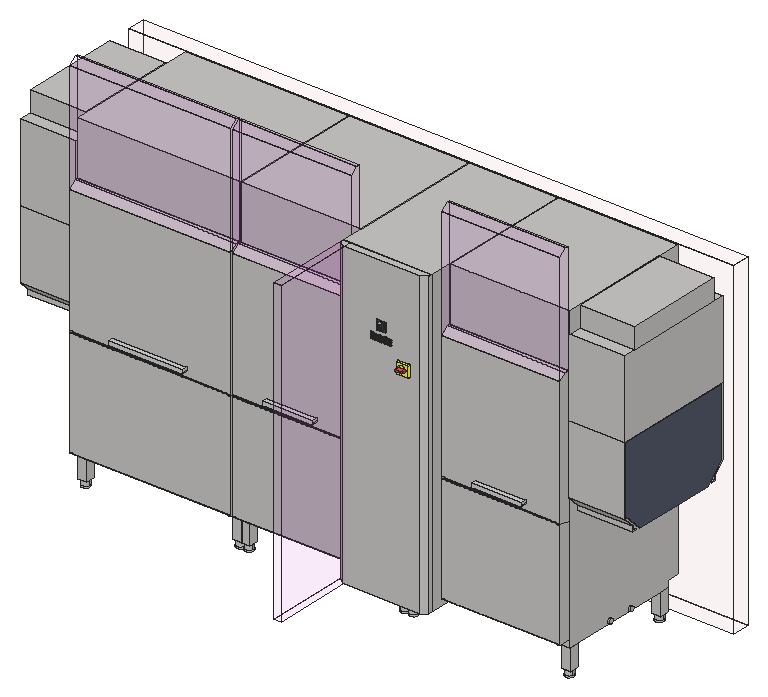
Revit family "QF_ELECTROLUXPROFESSIONAL_535067_EMR20NELEM", category Attrezzature speciali, Revit 2020
Family settings
  Quota connettore circolare = Usa diametro
  Tipo di parte = Normale
  Basato su piano di lavoro = No
  Sempre verticale = Sì
  Taglio con vuoti quando caricato = No
  Condiviso = No
  Punto di calcolo locali = No
Parameters (values of type "Standard")
  Weight = 569.00 kg
  Watts = 59800 W
  Volts = 380 V
  URL Manufacturer = "https://www.electroluxprofessional.com/"
  URL = "https://www.electroluxprofessional.com/"
  Steam Supply Size = 0 mm
  Steam Supply Minimum Pressure = 0.0 Pa
  Steam Supply Maximum Pressure = 0.0 Pa
  Steam Consumption per Hour = 0
  Show Logo [instance] = yes
  Show Clearance [instance] = yes
  Refrigeration Suction Line Size = 0 mm
  Refrigeration Liquid Line Size = 0 mm
  Refrigerant Compressor Remote = yes
  Prospetto di default = 0 mm
  Produttore = "Electrolux Professional"
  Phase = 3
  Modello = "EMR20NELEM"
  Length Actual = 3270 mm  # constant formula
  Item Number = "535067"
  Hot Water Size = 19.05 mm
  Height Actual = 1785 mm  # constant formula
  HP = "80.2 HP"
  Gas Size = 0 mm
  Gas KW = 0
  Gas Input Pressure = 0 W
  Direct Waste Size = 50 mm
  Descrizione = "MULTIRIN.RT, 200R/H, EL. L>R, ESD-THERMAL LABEL COMPLIANT"
  Depth Actual = 895 mm  # constant formula
  Cycle = 50 Hz
  Condensate Return Size = 0 mm
  Compressed Air Volume = 0.0 L/s
  Compressed Air Size = 0 mm
  Compressed Air Pressure = 0.0 Pa
  Cold Water Size = 19.05 mm
  Accessory = yes
Reference planes
  plane 1 "Center (Front/Back)": y = 50
  plane 2: z = 0
  plane 3 "LEFT": x = -776
  plane 4 "RIGHT": x = 2494
  plane 5 "BACK": y = 450
  plane 6: z = 2095
  plane 7: z = 1785
  plane 8: y = -220
  plane 9: x = 859
  plane 10: y = -277.999
  plane 11: through (1209, 430.532, 4000) normal (0.7071, 0.7071, 0)
  plane 12: through (1229, 430.532, 4000) normal (0.7071, -0.7071, 0)
  plane 13: through (1399, 430.532, 4000) normal (0.7071, -0.7071, 0)
  plane 14: through (1379, 430.532, 4000) normal (0.7071, 0.7071, 0)
  plane 15: through (1294, -302, 4000) normal (0.7071, 0.7071, 0)
  plane 16: through (1314, -302, 4000) normal (0.7071, -0.7071, 0)
  plane 17: through (0, 318, 353) normal (0, 0.7071, -0.7071)
  plane 18: through (0, 318, 373) normal (0, -0.7071, -0.7071)
  plane 19: x = 859
Forms (mm)
  Extrusion 1, solid, material "QF_Finishes_Clearance", visible <- "Show Clearance"
    sketch origin (0, 0, 0) x (1, 0, 0) y (0, 1, 0)
      loop
        line (-776, 450) -> (2494, 450) -> (2494, 550) -> (-776, 550) -> (-776, 450)
    from 0 to 1785
  Extrusion 2, solid, material "QF_Finishes_Stainless Steel"
    sketch origin (801.404, 247.509, 148) x (0, -1, 0) y (1, 0, 0)
      loop
        line (-163.023, 407.596) -> (-163.023, 427.596) -> (-183.023, 427.596) -> (-183.023, 407.596) -> (-163.023, 407.596)
    from 0 to 2
  Extrusion 3, solid, material "QF_Finishes_Stainless Steel"
    sketch origin (1806.596, 247.509, 148) x (0, 1, 0) y (-1, 0, 0)
      loop
        line (163.023, 407.596) -> (183.023, 407.596) -> (183.023, 427.596) -> (163.023, 427.596) -> (163.023, 407.596)
    from 0 to 2
  Extrusion 4, solid, material "QF_Finishes_Stainless Steel"
    sketch origin (886.404, -485.023, 148) x (0, -1, 0) y (1, 0, 0)
      loop
        line (-163.023, 407.596) -> (-163.023, 427.596) -> (-183.023, 427.596) -> (-183.023, 407.596) -> (-163.023, 407.596)
    from 0 to 2
  Extrusion 5, solid, material "QF_Finishes_Stainless Steel"
    sketch origin (-478, 249.977, 990.404) x (0, 0, 1) y (0, -1, 0)
      loop
        line (407.596, -163.023) -> (407.596, -183.023) -> (427.596, -183.023) -> (427.596, -163.023) -> (407.596, -163.023)
    from 0 to 2
  Extrusion 6, solid, material "QF_Finishes_Stainless Steel"
    sketch origin (-478, 249.977, 940.404) x (0, 0, 1) y (0, -1, 0)
      loop
        line (407.596, -163.023) -> (407.596, -183.023) -> (427.596, -183.023) -> (427.596, -163.023) -> (407.596, -163.023)
    from 0 to 2
  Extrusion 7, solid, material "QF_Finishes_Stainless Steel"
    sketch origin (2186, 249.977, 990.404) x (0, 0, 1) y (0, 1, 0)
      loop
        line (407.596, 163.023) -> (427.596, 163.023) -> (427.596, 183.023) -> (407.596, 183.023) -> (407.596, 163.023)
    from 0 to 2
  Extrusion 8, solid, material "QF_Finishes_Stainless Steel"
    sketch origin (2186, 249.977, 940.404) x (0, 0, 1) y (0, 1, 0)
      loop
        line (407.596, 163.023) -> (427.596, 163.023) -> (427.596, 183.023) -> (407.596, 183.023) -> (407.596, 163.023)
    from 0 to 2
  Extrusion 9, solid, material "QF_Finishes_Stainless Steel"
    sketch origin (2191, 154.977, -54.596) x (0, 0, 1) y (0, 1, 0)
      loop
        line (407.596, 163.023) -> (427.596, 163.023) -> (427.596, 183.023) -> (407.596, 183.023) -> (407.596, 163.023)
    from 0 to 2
  Extrusion 10, solid, material "QF_Finishes_Stainless Steel"
    sketch origin (-478, 154.977, -54.596) x (0, 0, 1) y (0, -1, 0)
      loop
        line (407.596, -163.023) -> (407.596, -183.023) -> (427.596, -183.023) -> (427.596, -163.023) -> (407.596, -163.023)
    from 0 to 2
  Extrusion 11, solid, material "QF_Finishes_Stainless Steel"
    sketch origin (2199.617, 892.464, 1271.423) x (0, 0, -1) y (0, -1, 0)
      loop
        circle (1102.159, 772.464) r 10
    from -9.383 to 5.617
  Extrusion 12, solid, material "QF_Finishes_Stainless Steel"
    sketch origin (2199.617, 752.464, 1271.423) x (0, 0, -1) y (0, -1, 0)
      loop
        circle (1102.159, 772.464) r 10
    from -9.383 to 5.617
  Extrusion 13, solid, material "QF_Finishes_Stainless Steel"
    sketch origin (-476.617, 752.464, 1289.423) x (0, 0, -1) y (0, 1, 0)
      loop
        circle (1102.159, -772.464) r 25
    from -9.383 to 5.617
  Extrusion 14, solid, material "QF_Finishes_Stainless Steel"
    sketch origin (2317.023, 452, -177.096) x (0, 0, 1) y (-1, 0, 0)
      loop
        line (407.596, 163.023) -> (427.596, 163.023) -> (427.596, 183.023) -> (407.596, 183.023) -> (407.596, 163.023)
    from 0 to 2
  Extrusion 15, solid, material "QF_Finishes_Door Clearance", visible <- "Show Clearance"
    sketch origin (1869, 66.742, 602) x (0, 1, 0) y (0, 0, 1)
      loop
        line (-351.742, 1493) -> (-368.817, 1493) -> (-408.742, 1463.413) -> (-408.742, 861.413) -> (-368.817, 891) -> (-351.742, 891) -> (-351.742, 1493)
    from -320 to 320
  Extrusion 16, solid, material "QF_Finishes_Door Clearance", visible <- "Show Clearance"
    sketch origin (739.648, 66.742, 602) x (0, 1, 0) y (0, 0, 1)
      loop
        line (-351.742, 1493) -> (-368.817, 1493) -> (-408.742, 1463.413) -> (-408.742, 861.413) -> (-368.817, 891) -> (-351.742, 891) -> (-351.742, 1493)
    from -320 to 320
  Extrusion 17, solid, material "QF_Finishes_Door Clearance", visible <- "Show Clearance"
    sketch origin (1141.211, 799.242, 0) x (1, 0, 0) y (0, 1, 0)
      loop
        line (-76.563, -1201.332) -> (-76.563, -1674.242) -> (-34.063, -1674.242) -> (-34.063, -1201.332) -> (-76.563, -1201.332)
    from 150 to 1785
  Extrusion 18, solid, material "QF_Finishes_Door Clearance", visible <- "Show Clearance"
    sketch origin (-146, 66.742, 602) x (0, 1, 0) y (0, 0, 1)
      loop
        line (-351.742, 1493) -> (-368.817, 1493) -> (-408.742, 1463.413) -> (-408.742, 861.413) -> (-368.817, 891) -> (-351.742, 891) -> (-351.742, 1493)
    from -320 to 555
Dimensions and locks
  plane 3 "LEFT" to plane 4 "RIGHT" = 3270 mm
  plane 6 to level = 2095 mm
  plane 7 to level = 1785 mm
  nested 1 to level = 2095 mm
  nested 2 to plane 10 = 167 mm
  nested 4 to nested 5 = 0 mm
  nested 7 to nested 4 = 796 mm
  nested 6 to nested 5 = 984 mm
  nested 1 to Extrusion 1 = 1190 mm
  Extrusion 1 to nested 3 = 300 mm
  nested 2 to nested 3 = 894.999 mm
  plane 3 "LEFT" to plane 9 to plane 4 "RIGHT" = 1635 mm, 1635 mm
  plane 19 to plane 3 "LEFT" = 1635 mm
  aligned and locked: level to plane 2
Nested families
  nested 1: "MODULO_GRANDE - 650" at (799.563, 61.742, 0), type "MODULO_GRANDE - 650"
    with Show Logo yes, Show Clearance yes
  nested 2: "MODULO_CENTRALE - 480" at (1140.563, 799.242, 0), type "MODULO_CENTRALE - 480"
    with Show Right yes, Show Logo yes, Show Left no, Show Clearance yes
  nested 3: "MODULO_GRANDE - 650" at (1929.563, 61.742, 0), type "MODULO_GRANDE - 650"
    with Show Logo yes, Show Clearance yes
  nested 4: "Piedino_Square_150H" at (437.5, -254.499, 0), type "Piedino_Square_150H"
  nested 5: "Piedino_Square_150H" at (390.5, -254.499, 0), type "Piedino_Square_150H"
  nested 6: "Piedino_Square_150H" at (1327.5, -254.499, 0), type "Piedino_Square_150H"
  nested 7: "Piedino_Square_150H" at (1280.5, -254.499, 0), type "Piedino_Square_150H"
  nested 8: "Piedino_Square_150H" at (437.5, 354.5, 0), type "Piedino_Square_150H"
  nested 9: "Piedino_Square_150H" at (390.5, 354.5, 0), type "Piedino_Square_150H"
  nested 10: "Piedino_Square_150H" at (1327.5, 354.5, 0), type "Piedino_Square_150H"
  nested 11: "Piedino_Square_150H" at (1280.5, 354.5, 0), type "Piedino_Square_150H"
  nested 12: "HOODV_300" at (2577.563, 61.742, -112), type "HOODV_300"
  nested 13: "HOODV_300" at (-859.563, 61.742, -112) x (-1, 0, 0) z (0, 0, 1), type "HOODV_300"
  nested 14: "Piedino_Square_150H" at (-447.5, -254.499, 0), type "Piedino_Square_150H"
  nested 15: "Piedino_Square_150H" at (2170.5, -254.499, 0), type "Piedino_Square_150H"
  nested 16: "Piedino_Square_150H" at (-447.5, 354.5, 0), type "Piedino_Square_150H"
  nested 17: "Piedino_Square_150H" at (2170.5, 354.5, 0), type "Piedino_Square_150H"
  nested 18: "MODULO_GRANDE" at (-85.437, 61.742, 0), type "MODULO_GRANDE"
    with Show Logo yes, Show Clearance yes
  nested 19: "ELX_LOGO_WORDS_MEDIUM" at (1304, -444.999, 1409.339) x (1, 0, 0) z (0, -1, 0), Show Logo <- "Show Logo", visible <- "Show Logo", type "ELX_LOGO_WORDS_MEDIUM"
    with Show Logo yes
  nested 20: "ELXP_LOGO_ONLY_MEDIUM" at (1304, -444.999, 1469.649) x (1, 0, 0) z (0, -1, 0), Show Logo <- "Show Logo", visible <- "Show Logo", type "ELXP_LOGO_ONLY_MEDIUM"
    with Show Logo yes
Connectors
  electrical at (1219, 420.532, 148)
    settings: on Extrusion 2, index 128, voltage 0 V, apparent load 0 VA, apparent load phase1 0 VA, apparent load phase2 0 VA, apparent load phase3 0 VA, power factor 1, load classification "Altro", number of poles 1, system type 30, power factor state 1, is connector primary yes, connector utility no, sub classification motor no, connector description "EI"
  electrical at (1389, 420.532, 148)
    settings: on Extrusion 3, index 142, voltage 0 V, apparent load 0 VA, apparent load phase1 0 VA, apparent load phase2 0 VA, apparent load phase3 0 VA, power factor 1, load classification "Altro", number of poles 1, system type 30, power factor state 1, is connector primary no, connector utility no, sub classification motor no, connector description "EI"
  electrical at (1304, -312, 148)
    settings: on Extrusion 4, index 143, voltage 0 V, apparent load 0 VA, apparent load phase1 0 VA, apparent load phase2 0 VA, apparent load phase3 0 VA, power factor 1, load classification "Altro", number of poles 1, system type 30, power factor state 1, is connector primary no, connector utility no, sub classification motor no, connector description "EI"
  electrical at (-478, 423, 1408)
    settings: on Extrusion 5, index 147, voltage 0 V, apparent load 0 VA, apparent load phase1 0 VA, apparent load phase2 0 VA, apparent load phase3 0 VA, power factor 1, load classification "Altro", number of poles 1, system type 30, power factor state 1, is connector primary no, connector utility no, sub classification motor no, connector description "EO"
  electrical at (-478, 423, 1358)
    settings: on Extrusion 6, index 148, voltage 0 V, apparent load 0 VA, apparent load phase1 0 VA, apparent load phase2 0 VA, apparent load phase3 0 VA, power factor 1, load classification "Altro", number of poles 1, system type 30, power factor state 1, is connector primary no, connector utility no, sub classification motor no, connector description "ES"
  electrical at (2186, 423, 1408)
    settings: on Extrusion 7, index 149, voltage 0 V, apparent load 0 VA, apparent load phase1 0 VA, apparent load phase2 0 VA, apparent load phase3 0 VA, power factor 1, load classification "Altro", number of poles 1, system type 30, power factor state 1, is connector primary no, connector utility no, sub classification motor no, connector description "EO"
  electrical at (2186, 423, 1358)
    settings: on Extrusion 8, index 150, voltage 0 V, apparent load 0 VA, apparent load phase1 0 VA, apparent load phase2 0 VA, apparent load phase3 0 VA, power factor 1, load classification "Altro", number of poles 1, system type 30, power factor state 1, is connector primary no, connector utility no, sub classification motor no, connector description "ES"
  electrical at (2191, 328, 363)
    settings: on Extrusion 9, index 151, voltage 0 V, apparent load 0 VA, apparent load phase1 0 VA, apparent load phase2 0 VA, apparent load phase3 0 VA, power factor 1, load classification "Altro", number of poles 1, system type 30, power factor state 1, is connector primary no, connector utility no, sub classification motor no, connector description "ES"
  electrical at (-478, 328, 363)
    settings: on Extrusion 10, index 156, voltage 0 V, apparent load 0 VA, apparent load phase1 0 VA, apparent load phase2 0 VA, apparent load phase3 0 VA, power factor 1, load classification "Altro", number of poles 1, system type 30, power factor state 1, is connector primary no, connector utility no, sub classification motor no, connector description "ES"
  piping at (2209, 120, 169.264), diameter 12.9
    settings: on Extrusion 11, index 157, connector inside diameter 609.6 mm, connector length 0 mm, flow factor 0, pipe flow 0.0 L/s, pressure drop 0.0 Pa, fitting loss kfactor 0, connector angle 0.00°, fixture units 0, engagement length 0 mm, angle of deflection 0.00°, flow configuration 0, flow direction 0, fitting loss method 0, system type 29, joint type 0, gender type 0, connector reference index -1, connector utility 0, adjustable connector no, is connector primary yes, connector description ""
  piping at (2209, -20, 169.264), diameter 12.9
    settings: on Extrusion 12, index 158, connector inside diameter 609.6 mm, connector length 0 mm, flow factor 0, pipe flow 0.0 L/s, pressure drop 0.0 Pa, fitting loss kfactor 0, connector angle 0.00°, fixture units 0, engagement length 0 mm, angle of deflection 0.00°, flow configuration 0, flow direction 0, fitting loss method 0, system type 29, joint type 0, gender type 0, connector reference index -1, connector utility 0, adjustable connector no, is connector primary no, connector description ""
  piping at (-486, -20, 187.264), diameter 50
    settings: on Extrusion 13, index 159, connector inside diameter 609.6 mm, connector length 0 mm, flow factor 0, pipe flow 0.0 L/s, pressure drop 0.0 Pa, fitting loss kfactor 0, connector angle 0.00°, fixture units 0, engagement length 0 mm, angle of deflection 0.00°, flow configuration 0, flow direction 0, fitting loss method 0, system type 29, joint type 0, gender type 0, connector reference index -1, connector utility 0, adjustable connector no, is connector primary no, connector description "D"
  electrical at (2144, 452, 240.5)
    settings: on Extrusion 14, index 160, voltage 0 V, apparent load 0 VA, apparent load phase1 0 VA, apparent load phase2 0 VA, apparent load phase3 0 VA, power factor 1, load classification "Altro", number of poles 1, system type 30, power factor state 1, is connector primary no, connector utility no, sub classification motor no, connector description "EQ"
Definition of nested family "MODULO_GRANDE - 650"
  Parameters (values of type "MODULO_GRANDE - 650")
    URL = "http://professional.electrolux.com"
    Show Logo [instance] = yes
    Default Elevation = 0 mm
    Manufacturer = "Electrolux"
    Model = "ESR10E5"
    Length Actual = 0 mm
    Show Clearance [instance] = yes
    Height Actual = 0 mm
    Description = "SINGLE RINSE RT, 100R/H, ELECTRIC 50HZ"
    Depth Actual = 0 mm
  Reference planes
    plane 1: z = 0
    plane 2 "LEFT": x = -385.563
    plane 3 "RIGHT": x = 264.437
    plane 4 "BACK": y = 388.258
    plane 5 "FEET": z = 150
    plane 6: z = 2095
    plane 7 "TOP": z = 1785
  Forms (mm)
    Extrusion 1, solid
      sketch origin (-727.563, 442.565, 4000) x (0, 1, 0) y (0, 0, 1)
        loop
          line (-54.307, -2507) -> (-786.307, -2507) -> (-786.307, -3850) -> (-126.307, -3850) -> (-126.307, -3812) -> (-54.307, -3812) -> (-54.307, -2507)
      from 992 to 342
    Extrusion 2, solid
      sketch origin (105, 0, 0) x (1, 0, 0) y (0, 1, 0)
        loop
          line (-490.563, 388.258) -> (-490.563, -343.742) -> (159.437, -343.742) -> (159.437, 388.258) -> (-490.563, 388.258)
      from 1493 to 1785
  Dimensions and locks
    plane 2 "LEFT" to plane 3 "RIGHT" = 650 mm
    plane 5 "FEET" to level = 150 mm
    plane 5 "FEET" to plane 7 "TOP" = 1635 mm
    plane 3 "RIGHT" to plane 2 "LEFT" = 650 mm
    plane 4 "BACK" to Extrusion 2 = 732 mm
    aligned and locked: level to plane 1
  Nested families
    nested 1: "Door_650_DISHWASHING" at (-452, 5, 0), type "Door_650_DISHWASHING"
      with Show Clearance yes
  Definition of nested family "Door_650_DISHWASHING"
    Parameters (values of type "Door_650_DISHWASHING")
      Show Clearance [instance] = yes
      Default Elevation = 0 mm
    Reference planes
      plane 1: z = 0
      plane 2 "Center Y": x = 391.437
      plane 3 "LEFT": x = 71.437
      plane 4 "RIGHT": x = 711.437
      plane 5 "FRONT": y = -408.742
      plane 6: z = 150
      plane 7: y = -348.742
    Forms (mm)
      Extrusion 1, solid
        sketch origin (766.937, -408.742, 1493) x (0, 0, -1) y (1, 0, 0)
          loop
            line (686, -505.5) -> (686, -245.5)
            arc (686, -245.5) -> (684.536, -241.964) -> (681, -240.5) r 5
            line (681, -240.5) -> (666, -240.5) -> (666, -510.5) -> (681, -510.5)
            arc (681, -510.5) -> (684.536, -509.036) -> (686, -505.5) r 5
        from 0 to 30
      Extrusion 2, solid
        sketch origin (391.437, 0, 0) x (0, 1, 0) y (0, 0, 1)
          loop
            line (-348.742, 188) -> (-348.742, 758.131) -> (-405.595, 774.035)
            arc (-405.595, 774.035) -> (-407.764, 773.603) -> (-408.742, 771.62) r 2.5
            line (-408.742, 771.62) -> (-408.742, 190.5)
            arc (-408.742, 190.5) -> (-408.01, 188.732) -> (-406.242, 188) r 2.5
            line (-406.242, 188) -> (-348.742, 188)
        from -320 to 320
      Extrusion 3, solid
        sketch origin (391.437, 0, 0) x (0, 1, 0) y (0, 0, 1)
          loop
            line (-351.742, 1493) -> (-368.817, 1493) -> (-408.742, 1463.413) -> (-408.742, 778.225)
            arc (-408.742, 778.225) -> (-408.225, 776.703) -> (-406.889, 775.81) r 2.5
            line (-406.889, 775.81) -> (-354.889, 761.206)
            arc (-354.889, 761.206) -> (-352.72, 761.638) -> (-351.742, 763.621) r 2.5
            line (-351.742, 763.621) -> (-351.742, 1493)
        from -320 to 320
    Lines and regions (mm)
      symbolic lines
        curve 1: line (76.437, -408.742, 1785) -> (76.437, -348.742, 1785)
        curve 2: line (706.437, -408.742, 1785) -> (76.437, -408.742, 1785)
        curve 3: line (706.437, -348.742, 1785) -> (706.437, -408.742, 1785)
        curve 4: line (191.437, -438.742, 1785) -> (191.437, -408.742, 1785)
        curve 5: line (591.437, -438.742, 1785) -> (191.437, -438.742, 1785)
        curve 6: line (591.437, -408.742, 1785) -> (591.437, -438.742, 1785)
    Dimensions and locks
      plane 3 "LEFT" to plane 4 "RIGHT" = 640 mm
      plane 6 to level = 150 mm
      equal spacing: plane 3 "LEFT", plane 2 "Center Y", plane 4 "RIGHT"
      plane 4 "RIGHT" to plane 3 "LEFT" = 640 mm
      aligned and locked: level to plane 1
    Automatic sketch dimensions
      Extrusion 2 sketch curve to plane 5 "FRONT" = 0 mm
      Extrusion 2 sketch curve to plane 7 = 0 mm
      plane 5 "FRONT" to Extrusion 2 sketch curve = 2.5 mm
      Extrusion 2 sketch curve to Extrusion 2 sketch curve = 2.5 mm
      Extrusion 2 sketch curve to Extrusion 2 sketch curve = 0.647 mm
      plane 6 to Extrusion 2 sketch curve = 38 mm
      Extrusion 2 sketch curve to Extrusion 2 sketch curve = 570.131 mm
      Extrusion 2 sketch curve to Extrusion 2 sketch curve = 13.489 mm
      Extrusion 3 sketch curve to plane 5 "FRONT" = 0 mm
      plane 5 "FRONT" to Extrusion 3 sketch curve = 1.853 mm
      Extrusion 3 sketch curve to Extrusion 3 sketch curve = 0.647 mm  (x2)
      Extrusion 3 sketch curve to plane 7 = 20.076 mm
      Extrusion 3 sketch curve to plane 7 = 6.147 mm
      Extrusion 3 sketch curve to plane 7 = 3 mm
      plane 6 to Extrusion 3 sketch curve = 611.206 mm
      Extrusion 3 sketch curve to Extrusion 3 sketch curve = 14.603 mm
      Extrusion 3 sketch curve to Extrusion 3 sketch curve = 685.188 mm
      Extrusion 3 sketch curve to Extrusion 3 sketch curve = 29.587 mm
      curve 1 to plane 7 = 0 mm
      curve 3 to plane 7 = 0 mm
      curve 2 to plane 5 "FRONT" = 0 mm
      curve 5 to plane 5 "FRONT" = 30 mm
      plane 3 "LEFT" to curve 2 = 5 mm
      curve 5 to plane 2 "Center Y" = 200 mm
      plane 2 "Center Y" to curve 5 = 200 mm
      curve 2 to plane 4 "RIGHT" = 5 mm
      Extrusion 1 sketch curve to plane 2 "Center Y" = 135 mm
      plane 6 to Extrusion 1 sketch curve = 677 mm
      Extrusion 1 sketch curve to Extrusion 1 sketch curve = 15 mm
      Extrusion 1 sketch curve to Extrusion 1 sketch curve = 5 mm  (x2)
      plane 2 "Center Y" to Extrusion 1 sketch curve = 130 mm
Definition of nested family "MODULO_CENTRALE - 480"
  Parameters (values of type "MODULO_CENTRALE - 480")
    Show Right [instance] = not(Show Left)  # yes
    Show Logo [instance] = yes
    Show Left [instance] = no
    Show Clearance [instance] = yes
    Default Elevation = 0 mm
  Reference planes
    plane 1: z = 0
    plane 2 "LEFT": x = -76.563
    plane 3 "BACK": y = -349.242
    plane 4: z = 150
    plane 5: x = 403.437
    plane 6: y = -1244.241
    plane 7: x = 163.438
    plane 8: y = -1674.242
  Forms (mm)
    Extrusion 1, solid
      sketch origin (-163.616, -620, 0) x (1, 0, 0) y (0, 1, 0)
        loop
          line (87.054, 270.758) -> (87.054, -581.332) -> (567.054, -581.332) -> (567.054, 270.758) -> (87.054, 270.758)
      from 150 to 1785
    Extrusion 2, solid
      sketch origin (0, -740.199, 0) x (1, 0, 0) y (0, 1, 0)
        loop
          line (371.13, -504.042) -> (371.973, -503.729) -> (402.789, -480.925) -> (403.437, -479.639) -> (403.437, -461.133) -> (-76.563, -461.133) -> (-76.563, -479.639) -> (-75.915, -480.925) -> (-45.099, -503.729) -> (-44.256, -504.042) -> (371.13, -504.042)
      from 150 to 1785
  Dimensions and locks
    plane 4 to level = 150 mm
    Extrusion 1 to Extrusion 1 = 1635 mm
    plane 5 to plane 2 "LEFT" = 480 mm
    plane 3 "BACK" to plane 8 = 1325 mm
    aligned and locked: level to plane 1
  Nested families
    nested 1: "ON_OFF_GIALLO" at (282.917, -1244.241, 1304.8) x (-1, 0, 0) z (0, -1, 0), visible <- "Show Right", type "ON_OFF_GIALLO"
  Definition of nested family "ON_OFF_GIALLO"
    Parameters
      Default Elevation = 1219.2 mm
    Reference planes
      plane 1 "Centro (Fronte/Retro)": y = 0
      plane 2: z = 0
      plane 3 "Centro (Sinistra/Destra)": x = 0
    Forms (mm)
      Extrusion 1, solid
        sketch origin (0, 0, 0) x (1, 0, 0) y (0, 1, 0)
          loop
            line (-1219.2, 1219.2) -> (-1219.2, -1219.2) -> (1219.2, -1219.2) -> (1219.2, 1219.2) -> (-1219.2, 1219.2)
        from 0 to -304.8
      Blend 2, solid
        base sketch origin (209.903, -1304.8, -0.8) x (-1, 0, 0) y (0, -1, 0)
          loop
            arc (241.024, -1337.8) -> (242.365, -1337.262) -> (242.903, -1335.921) r 1.838
            line (242.903, -1335.921) -> (242.903, -1273.679)
            arc (242.903, -1273.679) -> (242.365, -1272.338) -> (241.024, -1271.8) r 1.838
            line (241.024, -1271.8) -> (178.782, -1271.8)
            arc (178.782, -1271.8) -> (177.441, -1272.338) -> (176.903, -1273.679) r 1.838
            line (176.903, -1273.679) -> (176.903, -1335.921)
            arc (176.903, -1335.921) -> (177.441, -1337.262) -> (178.782, -1337.8) r 1.838
            line (178.782, -1337.8) -> (241.024, -1337.8)
        top sketch origin (209.903, -1304.8, -0.8) x (-1, 0, 0) y (0, -1, 0)
          loop
            line (238.946, -1275.8) -> (180.86, -1275.8) -> (180.86, -1333.8) -> (238.946, -1333.8) -> (238.946, -1275.8)
        from 0.8 to 10.3
      Blend 3, solid
        base sketch origin (209.903, -1304.8, 10.2) x (-1, 0, 0) y (0, -1, 0)
          loop
            arc (224.427, -1310.95) -> (230.577, -1304.8) -> (224.427, -1298.65) r 6.15
            line (224.427, -1298.65) -> (195.379, -1298.65)
            arc (195.379, -1298.65) -> (189.229, -1304.8) -> (195.379, -1310.95) r 6.15
            line (195.379, -1310.95) -> (224.427, -1310.95)
        top sketch origin (209.903, -1304.8, 10.2) x (-1, 0, 0) y (0, -1, 0)
          loop
            arc (195.379, -1300.65) -> (191.229, -1304.8) -> (195.379, -1308.95) r 4.15
            line (195.379, -1308.95) -> (224.427, -1308.95)
            arc (224.427, -1308.95) -> (228.577, -1304.8) -> (224.427, -1300.65) r 4.15
            line (224.427, -1300.65) -> (195.379, -1300.65)
        from -2 to 23
      Extrusion 4, void
        sketch origin (-143.534, -1304.8, -504.042) x (1, 0, 0) y (0, 0, -1)
          loop
            line (117.69, -537.242) -> (135.678, -537.242) -> (132.541, -536.135) -> (117.69, -524.167) -> (117.69, -537.242)
        from 1298.65 to 1310.95
      Extrusion 5, void
        sketch origin (209.903, -1304.8, 9.5) x (0, -1, 0) y (-1, 0, 0)
          loop
            circle (-1304.8, 209.903) r 21
        from 0 to 2
    Cuts and joins
      Extrusion 4 cuts Blend 3
      Extrusion 5 cuts Blend 2
    Dimensions and locks
      aligned and locked: plane 2 to Extrusion 1
      aligned and locked: level to Extrusion 1
Definition of nested family "Piedino_Square_150H"
  Parameters (values of type "Piedino_Square_150H")
    Default Elevation = 0 mm
  Reference planes
    plane 1 "Centro (Fronte/Retro)": y = 0
    plane 2: z = 0
    plane 3 "Centro (Sinistra/Destra)": x = 0
    plane 4: z = 150
  Forms (mm)
    Extrusion 1, solid
      sketch origin (0, 0, 0) x (1, 0, 0) y (0, 1, 0)
        loop
          circle (0, 0) r 23
      from 0 to 5
    Extrusion 2, solid
      sketch origin (0, 0, 5) x (1, 0, 0) y (0, 1, 0)
        loop
          circle (0, 0) r 20
      from 0 to 29.114
    Extrusion 3, solid
      sketch origin (0, 0, 34.114) x (1, 0, 0) y (0, 1, 0)
        loop
          line (-23.5, 23.5) -> (-23.5, -23.5) -> (23.5, -23.5) -> (23.5, 23.5) -> (-23.5, 23.5)
      from 0 to 115.886
  Dimensions and locks
    plane 4 to level = 150 mm
    radius of Extrusion 1 sketch curve = 23 mm
    aligned and locked: level to plane 2
    aligned and locked: Extrusion 1 to level
Definition of nested family "HOODV_300"
  Parameters (values of type "HOODV_300")
    URL = "http://professional.electrolux.com"
    Default Elevation = 0 mm
    Manufacturer = "Electrolux"
    Model = "ESR10E5"
    Description = "SINGLE RINSE RT, 100R/H, ELECTRIC 50HZ"
  Reference planes
    plane 1 "Center X": y = -16.742
    plane 2: z = 0
    plane 3 "LEFT": x = -383.563
    plane 4 "RIGHT": x = -83.563
    plane 5 "BACK": y = 388.258
    plane 6: z = 900
    plane 7 "TOP": z = 1785
    plane 8 "FRONT": y = -408.742
    plane 9: y = -348.742
    plane 10: z = 1365
  Forms (mm)
    Extrusion 1, solid
      sketch origin (293.437, 0, 235) x (0, 1, 0) y (0, 0, 1)
        loop
          line (316.258, 1550) -> (-348.742, 1550) -> (-348.742, 1130) -> (316.258, 1130) -> (316.258, 1550)
      from -677 to -377
    Extrusion 2, solid
      sketch origin (-83.563, 415.936, 4000) x (0, 1, 0) y (0, 0, 1)
        loop
          line (-764.678, -2635) -> (-764.678, -3010) -> (-711.645, -3063.033) -> (-711.645, -3088.033) -> (-691.645, -3088.033) -> (-691.645, -3084.033) -> (-707.645, -3084.033) -> (-707.645, -3061.376) -> (-760.678, -3008.343) -> (-760.678, -2639) -> (-103.678, -2639) -> (-103.678, -3008.343) -> (-156.711, -3061.376) -> (-156.711, -3084.033) -> (-172.711, -3084.033) -> (-172.711, -3088.033) -> (-152.711, -3088.033) -> (-152.711, -3063.033) -> (-99.678, -3010) -> (-99.678, -2635) -> (-764.678, -2635)
      from -300 to 0
    Extrusion 3, solid
      sketch origin (-83.563, 479.936, 4000) x (0, 1, 0) y (0, 0, 1)
        loop
          line (-265.178, -3095) -> (-169.327, -2999.149) -> (-169.327, -2639) -> (-819.029, -2639) -> (-819.029, -2999.149) -> (-723.178, -3095) -> (-522.318, -3095) -> (-265.178, -3095)
      from 0 to -2
    Extrusion 4, solid
      sketch origin (0, 0, 1785) x (1, 0, 0) y (0, 1, 0)
        loop
          line (-383.563, 257.258) -> (-383.563, -279.742) -> (-83.563, -279.742) -> (-83.563, 257.258) -> (-383.563, 257.258)
      from 0 to 112
  Lines and regions (mm)
    symbolic lines
      curve 1: line (-383.563, 316.258, 0) -> (-83.563, 316.258, 0)
      curve 2: line (-383.563, -348.742, 0) -> (-383.563, 316.258, 0)
      curve 3: line (-83.563, -348.742, 0) -> (-383.563, -348.742, 0)
      curve 4: line (-83.563, 316.258, 0) -> (-83.563, -348.742, 0)
      curve 5: line (-383.563, 257.258, 0) -> (-83.563, 257.258, 0)
      curve 6: line (-83.563, -279.742, 0) -> (-383.563, -279.742, 0)
  Dimensions and locks
    plane 3 "LEFT" to plane 4 "RIGHT" = 300 mm
    plane 5 "BACK" to plane 1 "Center X" to plane 8 "FRONT" = 405 mm, 392 mm
    plane 6 to level = 900 mm
    plane 6 to plane 7 "TOP" = 885 mm
    plane 5 "BACK" to plane 8 "FRONT" = 797 mm  (x2)
    plane 4 "RIGHT" to plane 3 "LEFT" = 300 mm
    plane 7 "TOP" to plane 10 = 420 mm
    plane 8 "FRONT" to plane 9 = 60 mm
    aligned and locked: level to plane 2
Definition of nested family "MODULO_GRANDE"
  Parameters (values of type "MODULO_GRANDE")
    URL = "http://professional.electrolux.com"
    Show Logo [instance] = yes
    Default Elevation = 0 mm
    Manufacturer = "Electrolux"
    Model = "ESR10E5"
    Length Actual = 0 mm
    Show Clearance [instance] = yes
    Height Actual = 0 mm
    Description = "SINGLE RINSE RT, 100R/H, ELECTRIC 50HZ"
    Depth Actual = 0 mm
  Reference planes
    plane 1: z = 0
    plane 2 "LEFT": x = -385.563
    plane 3 "RIGHT": x = 499.437
    plane 4 "BACK": y = 388.258
    plane 5 "FEET": z = 150
    plane 6: z = 2095
    plane 7 "TOP": z = 1785
  Forms (mm)
    Extrusion 1, solid
      sketch origin (-727.563, 442.565, 4000) x (0, 1, 0) y (0, 0, 1)
        loop
          line (-54.307, -2507) -> (-786.307, -2507) -> (-786.307, -3850) -> (-126.307, -3850) -> (-126.307, -3812) -> (-54.307, -3812) -> (-54.307, -2507)
      from 1227 to 342
    Extrusion 2, solid
      sketch origin (105, 0, 0) x (1, 0, 0) y (0, 1, 0)
        loop
          line (-490.563, 388.258) -> (-490.563, -343.742) -> (394.437, -343.742) -> (394.437, 388.258) -> (-490.563, 388.258)
      from 1493 to 1785
  Dimensions and locks
    plane 2 "LEFT" to plane 3 "RIGHT" = 885 mm
    plane 5 "FEET" to level = 150 mm
    plane 5 "FEET" to plane 7 "TOP" = 1635 mm
    plane 3 "RIGHT" to plane 2 "LEFT" = 885 mm
    plane 4 "BACK" to Extrusion 2 = 732 mm
    aligned and locked: level to plane 1
  Nested families
    nested 1: "Door_30''_DISHWASHING" at (-457, 5, 0), Show Clearance <- "Show Clearance", type "Door_30''_DISHWASHING"
  Definition of nested family "Door_30''_DISHWASHING"
    Parameters (values of type "Door_30''_DISHWASHING")
      Show Clearance [instance] = yes
      Default Elevation = 0 mm
    Reference planes
      plane 1: z = 0
      plane 2 "Center Y": x = 513.937
      plane 3 "LEFT": x = 71.437
      plane 4 "RIGHT": x = 956.437
      plane 5 "FRONT": y = -408.742
      plane 6: z = 150
      plane 7: y = -348.742
    Forms (mm)
      Extrusion 1, solid
        sketch origin (884.437, -408.742, 1493) x (0, 0, -1) y (1, 0, 0)
          loop
            line (666, -570.5) -> (681, -570.5)
            arc (681, -570.5) -> (684.536, -569.036) -> (686, -565.5) r 5
            line (686, -565.5) -> (686, -175.5)
            arc (686, -175.5) -> (684.536, -171.964) -> (681, -170.5) r 5
            line (681, -170.5) -> (666, -170.5) -> (666, -570.5)
        from 0 to 30
      Extrusion 2, solid
        sketch origin (513.937, 0, 0) x (0, 1, 0) y (0, 0, 1)
          loop
            line (-348.742, 188) -> (-348.742, 758.131) -> (-405.595, 774.035)
            arc (-405.595, 774.035) -> (-407.764, 773.603) -> (-408.742, 771.62) r 2.5
            line (-408.742, 771.62) -> (-408.742, 190.5)
            arc (-408.742, 190.5) -> (-408.01, 188.732) -> (-406.242, 188) r 2.5
            line (-406.242, 188) -> (-348.742, 188)
        from -437.5 to 437.5
      Extrusion 3, solid
        sketch origin (513.937, 0, 0) x (0, 1, 0) y (0, 0, 1)
          loop
            line (-351.742, 1493) -> (-368.817, 1493) -> (-408.742, 1463.413) -> (-408.742, 778.225)
            arc (-408.742, 778.225) -> (-408.225, 776.703) -> (-406.889, 775.81) r 2.5
            line (-406.889, 775.81) -> (-354.889, 761.206)
            arc (-354.889, 761.206) -> (-352.72, 761.638) -> (-351.742, 763.621) r 2.5
            line (-351.742, 763.621) -> (-351.742, 1493)
        from -437.5 to 437.5
    Lines and regions (mm)
      symbolic lines
        curve 1: line (76.437, -408.742, 1785) -> (76.437, -348.742, 1785)
        curve 2: line (951.437, -408.742, 1785) -> (76.437, -408.742, 1785)
        curve 3: line (951.437, -348.742, 1785) -> (951.437, -408.742, 1785)
        curve 4: line (313.937, -438.742, 1785) -> (313.937, -408.742, 1785)
        curve 5: line (713.937, -438.742, 1785) -> (313.937, -438.742, 1785)
        curve 6: line (713.937, -408.742, 1785) -> (713.937, -438.742, 1785)
    Dimensions and locks
      plane 3 "LEFT" to plane 4 "RIGHT" = 885 mm
      plane 6 to level = 150 mm
      equal spacing: plane 3 "LEFT", plane 2 "Center Y", plane 4 "RIGHT"
      aligned and locked: level to plane 1
      aligned and locked: Extrusion 3 to Extrusion 2
    Automatic sketch dimensions
      Extrusion 1 sketch curve to plane 2 "Center Y" = 200 mm
      plane 6 to Extrusion 1 sketch curve = 677 mm
      Extrusion 1 sketch curve to Extrusion 1 sketch curve = 15 mm  (x2)
      Extrusion 1 sketch curve to Extrusion 1 sketch curve = 5 mm
      plane 2 "Center Y" to Extrusion 1 sketch curve = 195 mm
      Extrusion 2 sketch curve to plane 5 "FRONT" = 0 mm
      Extrusion 2 sketch curve to plane 7 = 0 mm
      plane 5 "FRONT" to Extrusion 2 sketch curve = 2.5 mm
      Extrusion 2 sketch curve to Extrusion 2 sketch curve = 2.5 mm
      Extrusion 2 sketch curve to Extrusion 2 sketch curve = 0.647 mm
      plane 6 to Extrusion 2 sketch curve = 38 mm
      Extrusion 2 sketch curve to Extrusion 2 sketch curve = 570.131 mm
      Extrusion 2 sketch curve to Extrusion 2 sketch curve = 13.489 mm
      Extrusion 3 sketch curve to plane 5 "FRONT" = 0 mm
      plane 5 "FRONT" to Extrusion 3 sketch curve = 1.853 mm
      Extrusion 3 sketch curve to Extrusion 3 sketch curve = 0.647 mm  (x2)
      Extrusion 3 sketch curve to plane 7 = 20.076 mm
      Extrusion 3 sketch curve to plane 7 = 6.147 mm
      Extrusion 3 sketch curve to plane 7 = 3 mm
      plane 6 to Extrusion 3 sketch curve = 611.206 mm
      Extrusion 3 sketch curve to Extrusion 3 sketch curve = 14.603 mm
      Extrusion 3 sketch curve to Extrusion 3 sketch curve = 685.188 mm
      Extrusion 3 sketch curve to Extrusion 3 sketch curve = 29.587 mm
      curve 1 to plane 7 = 0 mm
      curve 3 to plane 7 = 0 mm
      curve 2 to plane 5 "FRONT" = 0 mm
      curve 5 to plane 5 "FRONT" = 30 mm
      plane 3 "LEFT" to curve 2 = 5 mm
      curve 5 to plane 2 "Center Y" = 200 mm
      plane 2 "Center Y" to curve 5 = 200 mm
      curve 2 to plane 4 "RIGHT" = 5 mm
Definition of nested family "ELX_LOGO_WORDS_MEDIUM"
  Parameters (values of type "ELX_LOGO_WORDS_MEDIUM")
    Show Logo [instance] = yes
    Default Elevation = 0 mm
  Reference planes
    plane 1 "Centro (Fronte/Retro)": y = 0
    plane 2: z = 0
    plane 3 "Centro (Sinistra/Destra)": x = 0
  Forms (mm)
    Extrusion 1, solid
      sketch origin (0, 0, 0) x (1, 0, 0) y (0, 1, 0)
        loop
          line (-1219.2, 1219.2) -> (-1219.2, -1219.2) -> (1219.2, -1219.2) -> (1219.2, 1219.2) -> (-1219.2, 1219.2)
      from 0 to -304.8
    Extrusion 2, solid, visible <- "Show Logo"
      sketch origin (0, 0, 0) x (1, 0, 0) y (0, 1, 0)
        loop
          line (-45.351, 15.842) -> (-56.505, 15.842) -> (-56.505, 2.853)
          arc (-56.505, 2.853) -> (-55.037, -0.691) -> (-51.493, -2.159) r 5.012
          line (-51.493, -2.159) -> (-45.135, -2.159) -> (-45.135, 0.755) -> (-50.767, 0.755)
          arc (-50.767, 0.755) -> (-52.618, 1.38) -> (-53.406, 3.168) r 2.423
          line (-53.406, 3.168) -> (-53.406, 5.743) -> (-45.833, 5.743) -> (-45.833, 8.668) -> (-53.406, 8.668) -> (-53.406, 12.925) -> (-45.351, 12.925) -> (-45.351, 15.842)
        loop
          line (-42.933, 15.842) -> (-42.933, -2.159) -> (-39.832, -2.159) -> (-39.832, 15.842) -> (-42.933, 15.842)
        loop
          line (24.405, 15.842) -> (24.405, -2.159) -> (27.508, -2.159) -> (27.508, 15.842) -> (24.405, 15.842)
        loop
          line (-34.705, 3.589) -> (-24.531, 3.589)
          arc (-24.531, 3.589) -> (-26.123, 9.178) -> (-31.565, 11.217) r 6.447
          arc (-31.565, 11.217) -> (-36.358, 8.786) -> (-37.726, 3.589) r 6.56
          arc (-37.726, 3.589) -> (-35.926, -0.757) -> (-31.58, -2.557) r 6.146
          arc (-31.58, -2.557) -> (-28.198, -2.058) -> (-25.362, -0.149) r 7.726
          line (-25.362, -0.149) -> (-27.199, 1.688)
          arc (-27.199, 1.688) -> (-29.61, 0.242) -> (-32.411, 0.485) r 4.558
          arc (-32.411, 0.485) -> (-34.119, 1.622) -> (-34.705, 3.589) r 3.019
        loop
          line (-34.628, 5.769) -> (-27.646, 5.769)
          arc (-27.646, 5.769) -> (-28.626, 7.83) -> (-30.779, 8.59) r 2.974
          arc (-30.779, 8.59) -> (-33.263, 7.943) -> (-34.628, 5.769) r 3.481
        loop
          line (-12.445, 7.067) -> (-10.499, 9.013)
          arc (-10.499, 9.013) -> (-12.94, 10.78) -> (-15.907, 11.309) r 6.746
          arc (-15.907, 11.309) -> (-20.432, 9.655) -> (-22.806, 5.463) r 6.977
          arc (-22.806, 5.463) -> (-18.803, -1.885) -> (-10.608, -0.191) r 7.026
          line (-10.608, -0.191) -> (-12.544, 1.745)
          arc (-12.544, 1.745) -> (-16.723, 0.362) -> (-19.717, 3.589) r 4.071
          arc (-19.717, 3.589) -> (-19.509, 6.14) -> (-17.752, 8.002) r 3.867
          arc (-17.752, 8.002) -> (-14.941, 8.431) -> (-12.445, 7.067) r 4.442
        loop
          line (-8.594, 15.842) -> (-8.594, 3.541)
          arc (-8.594, 3.541) -> (-8.326, 1.695) -> (-7.635, -0.038) r 7.951
          arc (-7.635, -0.038) -> (-5.422, -1.797) -> (-2.62, -2.167) r 5.297
          line (-2.62, -2.167) -> (-2.62, 0.738)
          arc (-2.62, 0.738) -> (-3.453, 0.802) -> (-4.23, 1.109) r 2.792
          arc (-4.23, 1.109) -> (-5.227, 2.163) -> (-5.494, 3.589) r 2.57
          line (-5.494, 3.589) -> (-5.494, 8.043) -> (-2.678, 8.043) -> (-2.678, 10.86) -> (-5.494, 10.86) -> (-5.494, 15.842) -> (-8.594, 15.842)
        loop
          arc (3.006, 4.684) -> (3.228, 5.982) -> (3.868, 7.133) r 3.911
          arc (3.868, 7.133) -> (5.725, 8.086) -> (7.812, 8.043) r 4.26
          line (7.812, 8.043) -> (7.812, 11.023)
          arc (7.812, 11.023) -> (5.085, 10.766) -> (3.006, 8.983) r 4.524
          line (3.006, 8.983) -> (3.006, 10.86) -> (-0.069, 10.86) -> (-0.069, -2.159) -> (3.006, -2.159) -> (3.006, 4.684)
        loop
          circle (15.393, 4.348) r 6.899
        loop
          circle (15.393, 4.348) r 4.181
        loop
          arc (38.69, 3.262) -> (37.924, 1.158) -> (35.848, 0.319) r 2.752
          arc (35.848, 0.319) -> (33.771, 1.158) -> (33.005, 3.262) r 2.752
          line (33.005, 3.262) -> (33.005, 10.859) -> (29.879, 10.859) -> (29.879, 3.004)
          arc (29.879, 3.004) -> (31.658, -1.052) -> (35.848, -2.489) r 5.512
          arc (35.848, -2.489) -> (40.084, -1.008) -> (41.815, 3.132) r 5.512
          line (41.815, 3.132) -> (41.815, 10.859) -> (38.69, 10.859) -> (38.69, 3.262)
        loop
          line (43.689, 10.859) -> (48.192, 4.746) -> (43.245, -2.164) -> (46.578, -2.164) -> (49.861, 2.422) -> (53.193, -2.164) -> (56.505, -2.164) -> (51.629, 4.817) -> (56.087, 10.859) -> (52.703, 10.859) -> (49.851, 6.995) -> (47.043, 10.859) -> (43.689, 10.859)
        loop
          line (-53.813, -9.621) -> (-56.285, -9.621) -> (-56.285, -15.847) -> (-54.932, -15.847) -> (-54.932, -13.703) -> (-53.437, -13.703)
          arc (-53.437, -13.703) -> (-51.764, -11.49) -> (-53.813, -9.621) r 2.058
        loop
          arc (-53.496, -12.48) -> (-52.984, -11.679) -> (-53.496, -10.879) r 0.881
          line (-53.496, -10.879) -> (-54.932, -10.879) -> (-54.932, -12.48) -> (-53.496, -12.48)
        loop
          line (-44.045, -9.621) -> (-46.56, -9.621) -> (-46.56, -15.847) -> (-45.207, -15.847) -> (-45.207, -13.703) -> (-43.898, -13.703) -> (-43.003, -15.847) -> (-41.55, -15.847) -> (-42.774, -13.222)
          arc (-42.774, -13.222) -> (-42.188, -12.521) -> (-41.991, -11.628) r 1.922
          arc (-41.991, -11.628) -> (-42.609, -10.206) -> (-44.045, -9.621) r 2.055
        loop
          line (-45.207, -10.879) -> (-45.207, -12.48) -> (-43.771, -12.48)
          arc (-43.771, -12.48) -> (-43.258, -11.679) -> (-43.771, -10.879) r 0.881
          line (-43.771, -10.879) -> (-45.207, -10.879)
        loop
          circle (-33.602, -12.734) r 3.233
        loop
          circle (-33.602, -12.734) r 2.052
        loop
          line (-25.054, -9.622) -> (-25.054, -15.847) -> (-23.734, -15.847) -> (-23.734, -13.671) -> (-21.392, -13.671) -> (-21.392, -12.276) -> (-23.734, -12.276) -> (-23.734, -10.963) -> (-21.167, -10.963) -> (-21.167, -9.622) -> (-25.054, -9.622)
        loop
          line (-15.917, -9.622) -> (-15.917, -13.825)
          arc (-15.917, -13.825) -> (-15.343, -15.249) -> (-13.926, -15.842) r 1.991
          line (-13.926, -15.842) -> (-11.917, -15.842) -> (-11.917, -14.666) -> (-13.806, -14.666)
          arc (-13.806, -14.666) -> (-14.501, -14.091) -> (-14.638, -13.198) r 1.267
          line (-14.638, -13.198) -> (-12.15, -13.198) -> (-12.15, -12.023) -> (-14.638, -12.023) -> (-14.638, -10.797) -> (-11.977, -10.797) -> (-11.977, -9.622) -> (-15.917, -9.622)
        loop
          arc (6.626, -10.41) -> (5.801, -9.733) -> (4.757, -9.518) r 2.228
          arc (4.757, -9.518) -> (3.792, -9.755) -> (2.999, -10.352) r 2.468
          arc (2.999, -10.352) -> (2.853, -11.766) -> (3.765, -12.856) r 1.825
          arc (3.765, -12.856) -> (4.531, -13.112) -> (5.259, -13.464) r 6.301
          arc (5.259, -13.464) -> (5.719, -14.005) -> (5.402, -14.641) r 0.645
          arc (5.402, -14.641) -> (4.814, -14.78) -> (4.228, -14.631) r 1.269
          arc (4.228, -14.631) -> (3.722, -14.266) -> (3.412, -13.725) r 1.474
          line (3.412, -13.725) -> (2.324, -14.233)
          arc (2.324, -14.233) -> (2.716, -14.99) -> (3.348, -15.561) r 2.393
          arc (3.348, -15.561) -> (4.065, -15.867) -> (4.841, -15.945) r 2.579
          arc (4.841, -15.945) -> (5.8, -15.754) -> (6.664, -15.295) r 3.369
          arc (6.664, -15.295) -> (7.045, -14.28) -> (6.848, -13.214) r 2.023
          arc (6.848, -13.214) -> (6.423, -12.723) -> (5.879, -12.368) r 2.346
          arc (5.879, -12.368) -> (5.19, -12.061) -> (4.485, -11.796) r 12.353
          arc (4.485, -11.796) -> (4.077, -11.162) -> (4.666, -10.692) r 0.562
          arc (4.666, -10.692) -> (5.372, -10.862) -> (5.915, -11.344) r 1.497
          line (5.915, -11.344) -> (6.626, -10.41)
        loop
          line (12.337, -9.622) -> (12.337, -15.842) -> (13.616, -15.842) -> (13.616, -9.622) -> (12.337, -9.622)
        loop
          circle (22.24, -12.732) r 1.935
        loop
          circle (22.24, -12.732) r 3.231
        loop
          line (30.821, -15.842) -> (32.114, -15.842) -> (32.114, -11.931) -> (34.96, -15.842) -> (36.203, -15.842) -> (36.203, -9.622) -> (34.911, -9.622) -> (34.911, -13.651) -> (32.065, -9.622) -> (30.821, -9.622) -> (30.821, -15.842)
        loop
          line (42.652, -15.842) -> (43.258, -14.5) -> (45.559, -14.5) -> (46.165, -15.842) -> (47.54, -15.842) -> (44.912, -9.622) -> (43.712, -9.622) -> (41.279, -15.842) -> (42.652, -15.842)
        loop
          line (44.985, -13.224) -> (44.369, -11.857) -> (43.77, -13.224) -> (44.985, -13.224)
        loop
          line (53.893, -14.666) -> (53.893, -9.622) -> (52.614, -9.622) -> (52.614, -15.842) -> (56.285, -15.842) -> (56.285, -14.666) -> (53.893, -14.666)
        loop
          arc (-2.701, -10.41) -> (-3.525, -9.733) -> (-4.57, -9.518) r 2.228
          arc (-4.57, -9.518) -> (-5.534, -9.755) -> (-6.327, -10.352) r 2.468
          arc (-6.327, -10.352) -> (-6.473, -11.766) -> (-5.562, -12.856) r 1.825
          arc (-5.562, -12.856) -> (-4.795, -13.112) -> (-4.067, -13.464) r 6.301
          arc (-4.067, -13.464) -> (-3.608, -14.005) -> (-3.924, -14.641) r 0.645
          arc (-3.924, -14.641) -> (-4.512, -14.78) -> (-5.098, -14.631) r 1.269
          arc (-5.098, -14.631) -> (-5.604, -14.266) -> (-5.914, -13.725) r 1.474
          line (-5.914, -13.725) -> (-7.002, -14.233)
          arc (-7.002, -14.233) -> (-6.61, -14.99) -> (-5.978, -15.561) r 2.393
          arc (-5.978, -15.561) -> (-5.261, -15.867) -> (-4.485, -15.945) r 2.579
          arc (-4.485, -15.945) -> (-3.526, -15.754) -> (-2.663, -15.295) r 3.369
          arc (-2.663, -15.295) -> (-2.281, -14.28) -> (-2.478, -13.214) r 2.023
          arc (-2.478, -13.214) -> (-2.903, -12.723) -> (-3.448, -12.368) r 2.346
          arc (-3.448, -12.368) -> (-4.136, -12.061) -> (-4.842, -11.796) r 12.353
          arc (-4.842, -11.796) -> (-5.249, -11.162) -> (-4.66, -10.692) r 0.562
          arc (-4.66, -10.692) -> (-3.954, -10.862) -> (-3.412, -11.344) r 1.497
          line (-3.412, -11.344) -> (-2.701, -10.41)
      from 0 to 1.644
  Dimensions and locks
    aligned and locked: plane 2 to Extrusion 1
    aligned and locked: level to Extrusion 1
Definition of nested family "ELXP_LOGO_ONLY_MEDIUM"
  Parameters (values of type "ELXP_LOGO_ONLY_MEDIUM")
    Show Logo [instance] = yes
    Default Elevation = 0 mm
  Reference planes
    plane 1 "Centro (Fronte/Retro)": y = 0
    plane 2: z = 0
    plane 3 "Centro (Sinistra/Destra)": x = 0
  Forms (mm)
    Extrusion 1, solid
      sketch origin (0, 0, 0) x (1, 0, 0) y (0, 1, 0)
        loop
          line (-1219.2, 1219.2) -> (-1219.2, -1219.2) -> (1219.2, -1219.2) -> (1219.2, 1219.2) -> (-1219.2, 1219.2)
      from 0 to -304.8
    Extrusion 2, solid, visible <- "Show Logo"
      sketch origin (15.862, -72.798, 0) x (1, 0, 0) y (0, 1, 0)
        loop
          line (-40.901, 47.952) -> (9.138, 47.952) -> (9.138, 97.923) -> (-40.901, 97.923) -> (-40.901, 47.952)
        loop
          line (-9.2, 95.47) -> (-9.2, 50.507)
          arc (-9.2, 50.507) -> (7.421, 72.988) -> (-9.2, 95.47) r 23.515
        loop
          line (-11.486, 92.214) -> (-11.486, 95.47)
          arc (-11.486, 95.47) -> (-30.185, 91.22) -> (-39.194, 74.292) r 23.044
          line (-39.194, 74.292) -> (-31.756, 74.292)
          arc (-31.756, 74.292) -> (-18.467, 79.686) -> (-11.486, 92.214) r 21.599
        loop
          arc (-39.194, 71.685) -> (-30.2, 54.618) -> (-11.486, 49.93) r 23.647
          line (-11.486, 49.93) -> (-11.486, 53.763)
          arc (-11.486, 53.763) -> (-18.467, 66.291) -> (-31.756, 71.685) r 21.599
          line (-31.756, 71.685) -> (-39.194, 71.685)
      from 0 to 1.644
  Dimensions and locks
    aligned and locked: plane 2 to Extrusion 1
    aligned and locked: level to Extrusion 1
